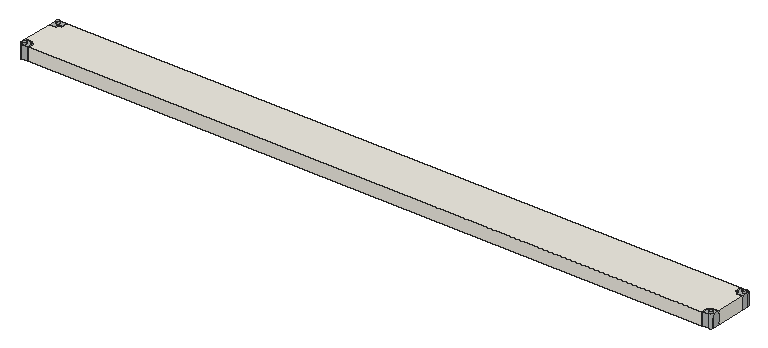
Revit family "HIGHTECH", category Осветительные приборы, Revit 2019 (continued)
Types (32, lengths in mm): name | Файл фотометрической сетки | built-in parameter 1150105 | Lumens | built-in parameter 1150106 | built-in parameter 1150142 | Wattage | Emit from Rectangle Width | Emit from Rectangle Length | Длина | Ширина | ADSK_Ток | ADSK_Полная мощность | ADSK_Обозначение | ADSK_Номинальная мощность | ADSK_Наименование | ADSK_Масса | ADSK_Код изделия
    0.568 1390.010 1377.085 1361.002 1342.947 1322.522 1300.026 1275.261 1248.621 1220.205 1189.817 1157.849 1124.598 1089.670 \r\n1053.460 1016.065 977.881 938.119 898.060 856.917 815.575 773.149 730.722 687.901 644.390 600.877 557.168 513.262 470.046 426.534 383.121 340.497 298.761 257.814 218.151 179.473 \r\n140.501 105.672 72.816 41.835 13.714 0.592 0.592 0.493 0.493 0.493 0.493 0.493 0.493 0.493 0.493 0.395 0.395 0.395 0.395 0.395 0.395 0.395 0.395 0.296 0.296 0.296 0.296 0.296 0.296 0.296 0.296 0.197 \r\n0.197 0.197 0.197 0.197 0.197 0.197 0.197 0.098 0.098 0.098 0.098 0.098 0.098 0.098 0.098 0.000 0.000 0.000 0.000 \r\n1417.637 1417.341 1413.986 1408.461 1400.271 1389.715 1376.789 1360.608 1342.552 1322.128 1299.632 1274.768 1248.128 1219.614 1189.224 1157.256 1123.907 1088.980 \r\n1052.868 1015.374 977.191 937.428 897.369 856.127 814.884 772.458 730.032 687.211 643.698 600.187 556.577 512.670 469.454 425.942 382.529 340.004 298.268 257.321 217.756 179.080 \r\n140.204 105.376 72.520 41.538 13.517 0.592 0.592 0.493 0.493 0.493 0.493 0.493 0.493 0.493 0.493 0.395 0.395 0.395 0.395 0.395 0.395 0.395 0.395 0.296 0.296 0.296 0.296 0.296 0.296 0.296 0.296 0.197 \r\n0.197 0.197 0.197 0.197 0.197 0.197 0.197 0.098 0.098 0.098 0.098 0.098 0.098 0.098 0.098 0.000 0.000 0.000 0.000 \r\n1417.637 1417.242 1413.789 1408.362 1400.075 1389.517 1376.394 1360.311 1342.157 1321.733 1299.138 1274.274 1247.536 1219.022 1188.632 1156.566 1123.315 1088.388 \r\n1052.177 1014.684 976.500 936.738 896.581 855.436 814.194 771.768 729.341 686.519 643.107 599.496 555.885 512.078 468.862 425.449 382.035 339.511 297.873 256.926 217.362 178.685 \r\n139.909 105.079 72.223 41.341 13.221 0.592 0.592 0.493 0.493 0.493 0.493 0.493 0.493 0.493 0.493 0.395 0.395 0.395 0.395 0.395 0.395 0.395 0.395 0.296 0.296 0.296 0.296 0.296 0.296 0.296 0.296 0.197 \r\n0.197 0.197 0.197 0.197 0.197 0.197 0.197 0.098 0.098 0.098 0.098 0.098 0.098 0.098 0.098 0.000 0.000 0.000 0.000 \r\n1417.637 1417.242 1413.690 1408.165 1399.877 1389.220 1376.098 1359.917 1341.762 1321.339 1298.645 1273.781 1247.043 1218.528 1188.041 1155.974 1122.723 1087.697 \r\n1051.487 1013.993 975.810 936.046 895.889 854.746 813.503 771.077 728.650 685.829 642.416 598.904 555.294 511.486 468.270 424.857 381.542 339.018 297.380 256.533 216.967 178.389 \r\n139.613 104.882 72.026 41.143 13.024 0.592 0.592 0.493 0.493 0.493 0.493 0.493 0.493 0.493 0.493 0.395 0.395 0.395 0.395 0.395 0.395 0.395 0.395 0.296 0.296 0.296 0.296 0.296 0.296 0.296 0.296 0.197 \r\n0.197 0.197 0.197 0.197 0.197 0.197 0.197 0.098 0.098 0.098 0.098 0.098 0.098 0.098 0.098 0.000 0.000 0.000 0.000 \r\n1417.637 1417.143 1413.592 1407.967 1399.580 1388.925 1375.803 1359.523 1341.367 1320.845 1298.250 1273.288 1246.550 1217.936 1187.448 1155.382 1122.032 1087.105 \r\n1050.894 1013.401 975.119 935.356 895.199 854.055 812.813 770.386 727.959 685.138 641.725 598.213 554.603 510.795 467.678 424.265 380.951 338.524 296.887 256.038 216.573 177.994 \r\n139.218 104.586 71.730 40.848 12.826 0.592 0.592 0.493 0.493 0.493 0.493 0.493 0.493 0.493 0.493 0.395 0.395 0.395 0.395 0.395 0.395 0.395 0.395 0.296 0.296 0.296 0.296 0.296 0.296 0.296 0.296 0.197 \r\n0.197 0.197 0.197 0.197 0.197 0.197 0.197 0.098 0.098 0.098 0.098 0.098 0.098 0.098 0.098 0.000 0.000 0.000 0.000 \r\n1417.637 1417.143 1413.492 1407.869 1399.383 1388.629 1375.506 1359.226 1340.973 1320.451 1297.757 1272.795 1246.056 1217.443 1186.856 1154.790 1121.441 1086.414 \r\n1050.204 1012.711 974.428 934.665 894.508 853.365 812.122 769.695 727.269 684.448 641.134 597.523 554.011 510.203 467.086 423.772 380.457 338.031 296.492 255.645 216.178 177.599 \r\n138.922 104.291 71.533 40.650 12.629 0.592 0.592 0.592 0.493 0.493 0.493 0.493 0.493 0.493 0.493 0.395 0.395 0.395 0.395 0.395 0.395 0.395 0.395 0.296 0.296 0.296 0.296 0.296 0.296 0.296 0.296 0.197 \r\n0.197 0.197 0.197 0.197 0.197 0.197 0.197 0.098 0.098 0.098 0.098 0.098 0.098 0.098 0.098 0.000 0.000 0.000 0.000 \r\n1417.637 1417.044 1413.394 1407.671 1399.187 1388.333 1375.111 1358.832 1340.578 1320.056 1297.264 1272.301 1245.464 1216.851 1186.264 1154.099 1120.849 1085.822 \r\n1049.513 1012.020 973.737 933.975 893.818 852.575 811.432 769.004 726.578 683.855 640.443 596.930 553.321 509.611 466.494 423.180 379.964 337.537 295.999 255.250 215.783 177.304 \r\n138.626 103.994 71.237 40.453 12.333 0.592 0.592 0.592 0.493 0.493 0.493 0.493 0.493 0.493 0.493 0.395 0.395 0.395 0.395 0.395 0.395 0.395 0.395 0.296 0.296 0.296 0.296 0.296 0.296 0.296 0.296 0.197 \r\n0.197 0.197 0.197 0.197 0.197 0.197 0.197 0.098 0.098 0.098 0.098 0.098 0.098 0.098 0.098 0.000 0.000 0.000 0.000 \r\n1417.637 1417.044 1413.295 1407.474 1398.890 1388.135 1374.815 1358.437 1340.184 1319.661 1296.869 1271.808 1244.971 1216.258 1185.673 1153.507 1120.158 1085.131 \r\n1048.823 1011.329 973.046 933.284 893.127 851.884 810.741 768.314 725.888 683.165 639.752 596.240 552.728 509.019 465.902 422.686 379.371 337.044 295.505 254.757 215.388 176.909 \r\n138.232 103.698 70.942 40.157 12.136 0.592 0.592 0.592 0.493 0.493 0.493 0.493 0.493 0.493 0.493 0.395 0.395 0.395 0.395 0.395 0.395 0.395 0.395 0.296 0.296 0.296 0.296 0.296 0.296 0.296 0.296 0.197 \r\n0.197 0.197 0.197 0.197 0.197 0.197 0.197 0.098 0.098 0.098 0.098 0.098 0.098 0.098 0.098 0.000 0.000 0.000 0.000 \r\n1417.637 1416.946 1413.197 1407.376 1398.693 1387.839 1374.520 1358.042 1339.789 1319.168 1296.376 1271.315 1244.477 1215.765 1185.179 1152.915 1119.566 1084.539 \r\n1048.230 1010.638 972.356 932.594 892.436 851.194 810.050 767.623 725.197 682.474 639.160 595.649 552.038 508.427 465.310 422.094 378.878 336.550 295.111 254.362 214.895 176.514 \r\n137.935 103.403 70.744 39.960 11.939 0.592 0.592 0.592 0.493 0.493 0.493 0.493 0.493 0.493 0.493 0.395 0.395 0.395 0.395 0.395 0.395 0.395 0.395 0.296 0.296 0.296 0.296 0.296 0.296 0.296 0.296 0.197 \r\n0.197 0.197 0.197 0.197 0.197 0.197 0.197 0.098 0.098 0.098 0.098 0.098 0.098 0.098 0.098 0.000 0.000 0.000 0.000 \r\n1417.637 1416.946 1413.098 1407.178 1398.495 1387.544 1374.223 1357.747 1339.395 1318.773 1295.882 1270.822 1243.886 1215.174 1184.587 1152.323 1118.974 1083.848 \r\n1047.540 1009.947 971.665 931.903 891.746 850.503 809.359 766.933 724.507 681.784 638.470 594.958 551.445 507.836 464.718 421.502 378.287 336.057 294.617 253.967 214.500 176.119 \r\n137.640 103.106 70.447 39.762 11.741 0.592 0.592 0.592 0.493 0.493 0.493 0.493 0.493 0.493 0.493 0.395 0.395 0.395 0.395 0.395 0.395 0.395 0.395 0.296 0.296 0.296 0.296 0.296 0.296 0.296 0.296 0.197 \r\n0.197 0.197 0.197 0.197 0.197 0.197 0.197 0.098 0.098 0.098 0.098 0.098 0.098 0.098 0.098 0.000 0.000 0.000 0.000 \r\n1417.637 1416.848 1412.999 1407.079 1398.298 1387.247 1373.829 1357.352 1339.000 1318.378 1295.488 1270.327 1243.392 1214.680 1183.995 1151.731 1118.283 1083.257 \r\n1046.849 1009.257 970.975 931.113 891.055 849.813 808.668 766.242 723.914 681.093 637.779 594.266 550.755 507.145 464.126 421.009 377.793 335.564 294.222 253.474 214.105 175.823 \r\n137.343 102.810 70.250 39.467 11.445 0.592 0.592 0.592 0.493 0.493 0.493 0.493 0.493 0.493 0.493 0.395 0.395 0.395 0.395 0.395 0.395 0.395 0.395 0.296 0.296 0.296 0.296 0.296 0.296 0.296 0.296 0.197 \r\n0.197 0.197 0.197 0.197 0.197 0.197 0.197 0.098 0.098 0.098 0.098 0.098 0.098 0.098 0.098 0.000 0.000 0.000 0.000 \r\n1417.637 1416.848 1412.901 1406.882 1398.002 1387.051 1373.533 1356.957 1338.605 1317.983 1294.994 1269.834 1242.899 1214.089 1183.403 1151.041 1117.692 1082.665 \r\n1046.257 1008.566 970.284 930.423 890.266 849.121 807.978 765.552 723.224 680.403 637.187 593.675 550.163 506.553 463.534 420.416 377.300 335.071 293.729 253.079 213.712 175.429 \r\n136.949 102.515 69.954 39.269 11.248 0.592 0.592 0.592 0.493 0.493 0.493 0.493 0.493 0.493 0.493 0.395 0.395 0.395 0.395 0.395 0.395 0.395 0.395 0.296 0.296 0.296 0.296 0.296 0.296 0.296 0.296 0.197 \r\n0.197 0.197 0.197 0.197 0.197 0.197 0.197 0.098 0.098 0.098 0.098 0.098 0.098 0.098 0.098 0.000 0.000 0.000 0.000 \r\n1417.637 1416.749 1412.802 1406.684 1397.805 1386.754 1373.237 1356.661 1338.210 1317.589 1294.599 1269.341 1242.406 1213.496 1182.811 1150.448 1117.099 1081.974 \r\n1045.566 1007.974 969.593 929.732 889.575 848.333 807.287 764.861 722.533 679.712 636.496 592.985 549.472 505.960 462.942 419.825 376.707 334.577 293.236 252.684 213.317 175.034 \r\n136.652 102.218 69.659 39.072 11.051 0.592 0.592 0.592 0.493 0.493 0.493 0.493 0.493 0.493 0.493 0.395 0.395 0.395 0.395 0.395 0.395 0.395 0.395 0.296 0.296 0.296 0.296 0.296 0.296 0.296 0.296 0.197 \r\n0.197 0.197 0.197 0.197 0.197 0.197 0.197 0.098 0.098 0.098 0.098 0.098 0.098 0.098 0.098 0.000 0.000 0.000 0.000 \r\n1417.637 1416.749 1412.704 1406.586 1397.607 1386.458 1372.941 1356.266 1337.815 1317.095 1294.106 1268.848 1241.813 1213.003 1182.219 1149.856 1116.409 1081.382 \r\n1044.876 1007.283 968.902 929.042 888.885 847.642 806.597 764.170 721.843 679.120 635.806 592.293 548.881 505.368 462.351 419.332 376.214 334.084 292.841 252.191 212.922 174.738 \r\n136.357 101.922 69.461 38.776 10.853 0.592 0.592 0.592 0.493 0.493 0.493 0.493 0.493 0.493 0.493 0.395 0.395 0.395 0.395 0.395 0.395 0.395 0.395 0.296 0.296 0.296 0.296 0.296 0.296 0.296 0.296 0.197 \r\n0.197 0.197 0.197 0.197 0.197 0.197 0.197 0.098 0.098 0.098 0.098 0.098 0.098 0.098 0.098 0.000 0.000 0.000 0.000 \r\n1417.637 1416.650 1412.604 1406.389 1397.311 1386.162 1372.546 1355.871 1337.421 1316.701 1293.613 1268.355 1241.320 1212.411 1181.627 1149.265 1115.816 1080.691 \r\n1044.284 1006.593 968.212 928.351 888.194 846.951 805.906 763.479 721.151 678.429 635.213 591.702 548.190 504.777 461.758 418.740 375.721 333.591 292.348 251.796 212.527 174.343 \r\n135.962 101.627 69.165 38.579 10.557 0.592 0.592 0.592 0.493 0.493 0.493 0.493 0.493 0.493 0.493 0.395 0.395 0.395 0.395 0.395 0.395 0.395 0.395 0.296 0.296 0.296 0.296 0.296 0.296 0.296 0.296 0.197 \r\n0.197 0.197 0.197 0.197 0.197 0.197 0.197 0.098 0.098 0.098 0.098 0.098 0.098 0.098 0.098 0.000 0.000 0.000 0.000 \r\n1417.637 1416.650 1412.506 1406.191 1397.114 1385.866 1372.250 1355.576 1337.027 1316.307 1293.218 1267.861 1240.827 1211.918 1181.035 1148.672 1115.225 1080.099 \r\n1043.593 1005.902 967.620 927.660 887.503 846.260 805.215 762.789 720.461 677.739 634.523 591.011 547.598 504.086 461.166 418.247 375.129 333.098 291.855 251.401 212.132 173.948 \r\n135.666 101.429 68.968 38.381 10.360 0.592 0.592 0.592 0.493 0.493 0.493 0.493 0.493 0.493 0.493 0.493 0.395 0.395 0.395 0.395 0.395 0.395 0.395 0.296 0.296 0.296 0.296 0.296 0.296 0.296 0.296 0.197 \r\n0.197 0.197 0.197 0.197 0.197 0.197 0.197 0.098 0.098 0.098 0.098 0.098 0.098 0.098 0.098 0.000 0.000 0.000 0.000 \r\n1417.637 1416.650 1412.407 1406.093 1396.917 1385.669 1371.954 1355.181 1336.632 1315.912 1292.725 1267.368 1240.334 1211.325 1180.443 1147.982 1114.633 1079.409 \r\n1042.903 1005.212 966.929 926.969 886.812 845.569 804.524 762.098 719.770 677.048 633.832 590.320 546.907 503.494 460.574 417.654 374.636 332.603 291.460 250.908 211.738 173.653 \r\n135.371 101.133 68.671 38.086 10.163 0.592 0.592 0.592 0.493 0.493 0.493 0.493 0.493 0.493 0.493 0.493 0.395 0.395 0.395 0.395 0.395 0.395 0.395 0.296 0.296 0.296 0.296 0.296 0.296 0.296 0.296 0.197 \r\n0.197 0.197 0.197 0.197 0.197 0.197 0.197 0.098 0.098 0.098 0.098 0.098 0.098 0.098 0.098 0.000 0.000 0.000 0.000 \r\n1417.637 1416.551 1412.309 1405.895 1396.621 1385.373 1371.559 1354.786 1336.237 1315.419 1292.232 1266.875 1239.742 1210.733 1179.851 1147.390 1113.942 1078.816 \r\n1042.310 1004.521 966.238 926.279 886.121 844.879 803.834 761.408 719.080 676.357 633.240 589.728 546.315 502.902 459.982 417.062 374.043 332.110 290.967 250.513 211.343 173.258 \r\n135.074 100.837 68.376 37.888 9.965 0.592 0.592 0.592 0.493 0.493 0.493 0.493 0.493 0.493 0.493 0.493 0.395 0.395 0.395 0.395 0.395 0.395 0.395 0.296 0.296 0.296 0.296 0.296 0.296 0.296 0.296 0.197 \r\n0.197 0.197 0.197 0.197 0.197 0.197 0.197 0.098 0.098 0.098 0.098 0.098 0.098 0.098 0.098 0.000 0.000 0.000 0.000 \r\n1417.637 1416.551 1412.111 1405.796 1396.423 1385.077 1371.264 1354.391 1335.842 1315.024 1291.837 1266.382 1239.248 1210.240 1179.259 1146.798 1113.350 1078.126 \r\n1041.620 1003.831 965.548 925.588 885.431 844.090 803.143 760.717 718.389 675.666 632.549 589.038 545.723 502.310 459.390 416.569 373.550 331.617 290.474 250.119 210.948 172.863 \r\n134.679 100.541 68.178 37.591 9.669 0.592 0.592 0.592 0.493 0.493 0.493 0.493 0.493 0.493 0.493 0.493 0.395 0.395 0.395 0.395 0.395 0.395 0.395 0.296 0.296 0.296 0.296 0.296 0.296 0.296 0.296 0.197 \r\n0.197 0.197 0.197 0.197 0.197 0.197 0.197 0.098 0.098 0.098 0.098 0.098 0.098 0.098 0.098 0.000 0.000 0.000 0.000 \r\n1417.637 1416.453 1412.013 1405.600 1396.226 1384.781 1370.968 1354.095 1335.448 1314.629 1291.344 1265.888 1238.754 1209.648 1178.667 1146.206 1112.758 1077.534 \r\n1040.929 1003.140 964.857 924.898 884.740 843.400 802.453 760.026 717.698 674.976 631.859 588.446 545.032 501.718 458.798 415.977 373.057 331.124 290.079 249.625 210.553 172.567 \r\n134.383 100.245 67.883 37.394 9.472 0.592 0.592 0.592 0.493 0.493 0.493 0.493 0.493 0.493 0.493 0.493 0.395 0.395 0.395 0.395 0.395 0.395 0.395 0.296 0.296 0.296 0.296 0.296 0.296 0.296 0.296 0.197 \r\n0.197 0.197 0.197 0.197 0.197 0.197 0.197 0.098 0.098 0.098 0.098 0.098 0.098 0.098 0.098 0.000 0.000 0.000 0.000 \r\n1417.637 1416.453 1411.914 1405.402 1395.930 1384.583 1370.671 1353.701 1335.053 1314.234 1290.850 1265.395 1238.261 1209.155 1178.075 1145.515 1112.067 1076.844 \r\n1040.239 1002.548 964.167 924.207 883.951 842.708 801.762 759.336 717.008 674.383 631.267 587.755 544.441 501.126 458.206 415.385 372.465 330.631 289.585 249.231 210.160 172.172 \r\n134.088 99.949 67.685 37.198 9.275 0.592 0.592 0.592 0.493 0.493 0.493 0.493 0.493 0.493 0.493 0.493 0.395 0.395 0.395 0.395 0.395 0.395 0.395 0.296 0.296 0.296 0.296 0.296 0.296 0.296 0.296 0.197 \r\n0.197 0.197 0.197 0.197 0.197 0.197 0.197 0.098 0.098 0.098 0.098 0.098 0.098 0.098 0.098 0.000 0.000 0.000 0.000 \r\n1417.637 1416.354 1411.816 1405.303 1395.733 1384.288 1370.276 1353.307 1334.658 1313.741 1290.456 1264.901 1237.669 1208.563 1177.582 1144.923 1111.476 1076.252 \r\n1039.646 1001.857 963.476 923.417 883.260 842.018 801.072 758.644 716.317 673.693 630.576 587.064 543.749 500.435 457.614 414.891 371.972 330.137 289.191 248.836 209.765 171.778 \r\n133.693 99.653 67.389 36.901 9.077 0.592 0.592 0.592 0.493 0.493 0.493 0.493 0.493 0.493 0.493 0.493 0.395 0.395 0.395 0.395 0.395 0.395 0.395 0.296 0.296 0.296 0.296 0.296 0.296 0.296 0.296 0.197 \r\n0.197 0.197 0.197 0.197 0.197 0.197 0.197 0.098 0.098 0.098 0.098 0.098 0.098 0.098 0.098 0.000 0.000 0.000 0.000 \r\n1417.637 1416.453 1411.914 1405.402 1395.930 1384.583 1370.671 1353.701 1335.053 1314.234 1290.850 1265.395 1238.261 1209.155 1178.075 1145.515 1112.067 1076.844 \r\n1040.239 1002.548 964.167 924.207 883.951 842.708 801.762 759.336 717.008 674.383 631.267 587.755 544.441 501.126 458.206 415.385 372.465 330.631 289.585 249.231 210.160 172.172 \r\n134.088 99.949 67.685 37.198 9.275 0.592 0.592 0.592 0.493 0.493 0.493 0.493 0.493 0.493 0.493 0.493 0.395 0.395 0.395 0.395 0.395 0.395 0.395 0.296 0.296 0.296 0.296 0.296 0.296 0.296 0.296 0.197 \r\n0.197 0.197 0.197 0.197 0.197 0.197 0.197 0.098 0.098 0.098 0.098 0.098 0.098 0.098 0.098 0.000 0.000 0.000 0.000 \r\n1417.637 1416.453 1412.013 1405.600 1396.226 1384.781 1370.968 1354.095 1335.448 1314.629 1291.344 1265.888 1238.754 1209.648 1178.667 1146.206 1112.758 1077.534 \r\n1040.929 1003.140 964.857 924.898 884.740 843.400 802.453 760.026 717.698 674.976 631.859 588.446 545.032 501.718 458.798 415.977 373.057 331.124 290.079 249.625 210.553 172.567 \r\n134.383 100.245 67.883 37.394 9.472 0.592 0.592 0.592 0.493 0.493 0.493 0.493 0.493 0.493 0.493 0.493 0.395 0.395 0.395 0.395 0.395 0.395 0.395 0.296 0.296 0.296 0.296 0.296 0.296 0.296 0.296 0.197 \r\n0.197 0.197 0.197 0.197 0.197 0.197 0.197 0.098 0.098 0.098 0.098 0.098 0.098 0.098 0.098 0.000 0.000 0.000 0.000 \r\n1417.637 1416.551 1412.111 1405.796 1396.423 1385.077 1371.264 1354.391 1335.842 1315.024 1291.837 1266.382 1239.248 1210.240 1179.259 1146.798 1113.350 1078.126 \r\n1041.620 1003.831 965
